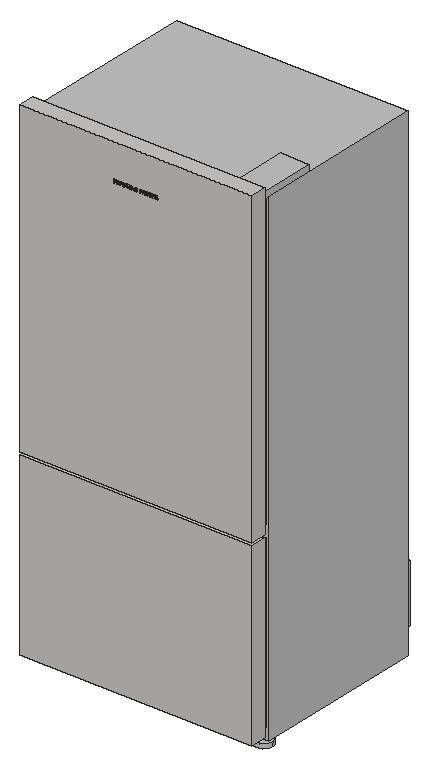
Revit family "FP_Revit_18_RF522BRPX6_Fridge_90001146A", category Specialty Equipment, Revit 2018
Family settings
  Round Connector Dimension = Use Diameter
  Part Type = Normal
  OmniClass Number = 23.40.40.11.11.17
  OmniClass Title = Refrigerator-Freezer
  Work Plane-Based = No
  Always vertical = Yes
  Cut with Voids When Loaded = Yes
  Shared = No
  Room Calculation Point = No
Parameters
  Visibility - Clearance Required = yes
  URL = "www.fisherpaykel.com"
  Product - Width = 790 mm  # constant formula
  Product - Height = 1720 mm  # constant formula
  Product - Depth = 695 mm  # constant formula
  Model = "RF522BRPX6"
  Material - Door Structure = Fisher & Paykel - White
  Material - Door Front = Fisher & Paykel - Stainless Steel
  Material - Body = Fisher & Paykel - Grey
  Manufacturer = "Fisher & Paykel Appliances"
  Description = "79cm Freestanding Refrigerator with Bottom Freezer (Stainless)"
  Connector Description - Water = "No water connection required"
  Connector Description - Electrical = "230 V, 10 A, fused electrical supply"
  Chassis - Width = 790 mm  # constant formula
  Chassis - Height = 1662 mm  # constant formula
  Chassis - Depth = 625 mm  # constant formula
  Cavity - Width = 830 mm  # constant formula
  Cavity - Height = 1735 mm  # constant formula
  Cavity - Depth = 625 mm  # constant formula
Reference planes
  plane 1 "Datum": y = 0
  plane 2: z = 0
  plane 3 "Center (Left/Right)": x = 0
  plane 4 "Product LHS": x = -395
  plane 5 "Product RHS": x = 395
  plane 6 "Product - Depth": y = 625
  plane 7 "Cavity LHS": x = -415
  plane 8 "Cavity RHS": x = 415
  plane 9 "Cavity - Depth": y = 625
  plane 10 "Product Height": z = 1720
  plane 11 "Cavity Height": z = 1735
  plane 12 "Door Panel Front": y = -70
Forms (mm)
  Extrusion 1, solid, material "Fisher & Paykel - Grey" <- "Material - Body"
    sketch origin (0, 0, 0) x (0, 1, 0) y (0, 0, 1)
      loop
        line (0, 24) -> (595, 24) -> (595, 1686) -> (0, 1686) -> (0, 24)
    from -395 to 395
  Extrusion 2, solid, material "Fisher & Paykel - Grey" <- "Material - Body"
    sketch origin (0, 0, 0) x (1, 0, 0) y (0, 1, 0)
      loop
        circle (-365, 18.6) r 4.9
      loop
        circle (365, 18.6) r 4.9
    from 14 to 24
  Extrusion 3, solid, material "Fisher & Paykel - Grey" <- "Material - Body"
    sketch origin (0, 0, 0) x (1, 0, 0) y (0, 1, 0)
      loop
        circle (-365, 18.6) r 30
      loop
        circle (365, 18.6) r 30
    from 0 to 14
  Extrusion 4, solid, material "Fisher & Paykel - Grey" <- "Material - Body"
    sketch origin (0, 0, 0) x (1, 0, 0) y (0, 0, 1)
      loop
        circle (355.042, 69) r 5
      loop
        circle (305.042, 69) r 5
    from -615 to -595
  Extrusion 5, solid, material "Fisher & Paykel - White" <- "Material - Door Structure"
    sketch origin (0, 0, 0) x (1, 0, 0) y (0, 1, 0)
      loop
        line (-387, 0) -> (-387, -15) -> (387, -15) -> (387, 0) -> (-387, 0)
    from 682 to 1680
  Extrusion 6, solid, material "Fisher & Paykel - Stainless Steel" <- "Material - Door Front"
    sketch origin (0, 0, 0) x (1, 0, 0) y (0, 1, 0)
      loop
        line (-395, -15) -> (-395, -70) -> (395, -70) -> (395, -15) -> (-395, -15)
    from 660 to 1720
  Extrusion 7, solid, material "Fisher & Paykel - Grey" <- "Material - Body", detail levels fine
    sketch origin (0, 0, -4) x (0, 1, 0) y (0, 0, 1)
      loop
        arc (62.091, 28) -> (87.5, 4) -> (112.909, 28) r 25.45
        line (112.909, 28) -> (62.091, 28)
      loop
        arc (503.639, 28) -> (529.047, 4) -> (554.456, 28) r 25.45
        line (554.456, 28) -> (503.639, 28)
    from 325.45 to 342.5
  Extrusion 8, solid, material "Fisher & Paykel - Clearance Required", visible <- "Visibility - Clearance Required", detail levels coarse
    sketch origin (0, 0, 0) x (1, 0, 0) y (0, 1, 0)
      loop
        line (-415, 625) -> (-415, -70) -> (530, -70) -> (530, 0) -> (415, 0) -> (415, 625) -> (-415, 625)
    from 0 to 1735
  Extrusion 9, void
    sketch origin (0, 0, 0) x (1, 0, 0) y (0, 1, 0)
      loop
        line (-415, 625) -> (-415, -70) -> (530, -70) -> (530, 0) -> (415, 0) -> (415, 625) -> (-415, 625)
    from 0 to 1735
  Extrusion 10, solid, material "Fisher & Paykel - Stainless Steel" <- "Material - Door Front"
    sketch origin (0, 0, 0) x (1, 0, 0) y (0, 1, 0)
      loop
        line (-395, -15) -> (-395, -70) -> (395, -70) -> (395, -15) -> (-395, -15)
    from 40 to 650
  Extrusion 11, solid, material "Fisher & Paykel - White" <- "Material - Door Structure"
    sketch origin (0, 0, 0) x (1, 0, 0) y (0, 1, 0)
      loop
        line (-387, 0) -> (-387, -15) -> (387, -15) -> (387, 0) -> (-387, 0)
    from 62 to 642
  Extrusion 12, solid, material "Fisher & Paykel - Grey" <- "Material - Body"
    sketch origin (229.237, 0, 0) x (0, 1, 0) y (0, 0, 1)
      loop
        line (595, 324) -> (595, 94) -> (625, 94) -> (625, 294) -> (595, 324)
    from -604.237 to 145.763
  Extrusion 13, solid, material "Fisher & Paykel - Grey" <- "Material - Body"
    sketch origin (0, 0, 0) x (0, 1, 0) y (0, 0, 1)
      loop
        line (595, 94) -> (595, 24) -> (625, 24) -> (625, 94) -> (595, 94)
    from -375 to 280
  Extrusion 14, solid, material "Fisher & Paykel - Grey" <- "Material - Body", detail levels fine
    sketch origin (0, 0, -4) x (0, 1, 0) y (0, 0, -1)
      loop
        line (62.091, -28) -> (112.909, -28)
        arc (112.909, -28) -> (87.5, -4) -> (62.091, -28) r 25.45
      loop
        line (503.639, -28) -> (554.456, -28)
        arc (554.456, -28) -> (529.047, -4) -> (503.639, -28) r 25.45
    from 325.45 to 342.5
  Extrusion 15, solid, material "Fisher & Paykel - Grey" <- "Material - Body"
    sketch origin (0, 0, 0) x (1, 0, 0) y (0, 1, 0)
      loop
        line (296.4, 174) -> (296.4, -15) -> (393.4, -15) -> (393.4, 174) -> (296.4, 174)
    from 1686 to 1708
  Extrusion 16, solid, material "Fisher & Paykel - Clearance Required", visible <- "Visibility - Clearance Required", detail levels coarse
    sketch origin (0, 0, 0) x (1, 0, 0) y (0, 1, 0)
      loop
        arc (-395, -70) -> (135.432, -761.124) -> (975.827, -531.456) r 781.226
        line (975.827, -531.456) -> (460.698, -70) -> (-395, -70)
    from 0 to 1735
  Extrusion 17, void
    sketch origin (0, 0, 0) x (1, 0, 0) y (0, 0, 1)
      loop
        line (-395, 605.451) -> (-395, 355.726)
        arc (-395, 355.726) -> (-376.652, 375.604) -> (-370, 401.823) r 54.999
        line (-370, 401.823) -> (-370, 559.354)
        arc (-370, 559.354) -> (-376.652, 585.574) -> (-395, 605.451) r 55
      loop
        line (-395, 1099.999) -> (-395, 706.001)
        arc (-395, 706.001) -> (-376.652, 725.878) -> (-370, 752.098) r 54.999
        line (-370, 752.098) -> (-370, 1053.902)
        arc (-370, 1053.902) -> (-376.652, 1080.122) -> (-395, 1099.999) r 55
    from 29 to 56
Cuts and joins
  joined: Extrusion 12, Extrusion 13
  Extrusion 17 cuts Extrusion 1
  Extrusion 17 cuts Extrusion 5
  Extrusion 17 cuts Extrusion 6
  Extrusion 17 cuts Extrusion 10
  Extrusion 17 cuts Extrusion 11
  Extrusion 17 cuts Extrusion 16
Text (mm)
  text "Due to ongoing product development, product details are subject to change without notice. \nPlease always refer to www.fisherpaykel.com for the most current product information. \n© Fisher & Paykel 2020" at (41.04, -848.295, 0), in view "Ref. Level (Plan)"
Dimensions and locks
  equal spacing: plane 4 "Product LHS", plane 3 "Center (Left/Right)", plane 5 "Product RHS"
  "Product - Width": plane 4 "Product LHS" to plane 5 "Product RHS"
  "Cavity - Depth": plane 1 "Datum" to plane 6 "Product - Depth"
  equal spacing: plane 7 "Cavity LHS", plane 3 "Center (Left/Right)", plane 8 "Cavity RHS"
  "Cavity - Width": plane 7 "Cavity LHS" to plane 8 "Cavity RHS"
  "Chassis - Depth": plane 9 "Cavity - Depth" to plane 1 "Datum"
  Extrusion 4 sketch curve to plane 5 "Product RHS" = 39.958 mm
  Extrusion 3 to level = 14 mm
  "Product - Height": level to plane 10 "Product Height"
  Extrusion 1 sketch curve to plane 10 "Product Height" = 34 mm
  "Cavity - Height": plane 11 "Cavity Height" to level
  "Chassis - Depth": plane 1 "Datum" to plane 9 "Cavity - Depth"
  "Chassis - Depth": plane 1 "Datum" to cut or joined group of Extrusion 12, Extrusion 13
  plane 1 "Datum" to Extrusion 8 = 625 mm
  "Product - Depth": Extrusion 9 to cut or joined group of Extrusion 16, Extrusion 17
  nested 1 to level = 1596 mm
  "Chassis - Height": cut or joined group of Extrusion 1, Extrusion 17 to cut or joined group of Extrusion 1, Extrusion 17
  "Chassis - Width": cut or joined group of Extrusion 1, Extrusion 17 to cut or joined group of Extrusion 1, Extrusion 17
  aligned and locked: level to plane 2
  aligned and locked: Extrusion 1 to plane 5 "Product RHS"
  aligned and locked: plane 4 "Product LHS" to Extrusion 1
  aligned and locked: Extrusion 6 sketch curve to plane 4 "Product LHS"
  aligned and locked: plane 5 "Product RHS" to Extrusion 6 sketch curve
  aligned and locked: Extrusion 1 sketch curve to plane 1 "Datum"
  aligned and locked: Extrusion 13 sketch curve to plane 6 "Product - Depth"
  aligned and locked: Extrusion 4 to Extrusion 1
  aligned and locked: Extrusion 15 to Extrusion 1
  aligned and locked: plane 4 "Product LHS" to Extrusion 17 sketch curve  (x2)
  aligned and locked: Extrusion 9 to Extrusion 8
Automatic sketch dimensions
  Extrusion 1 sketch curve to plane 6 "Product - Depth" = 30 mm
  level to Extrusion 1 sketch curve = 24 mm
  plane 1 "Datum" to Extrusion 5 sketch curve = 0 mm
  Extrusion 5 sketch curve to plane 4 "Product LHS" = 8 mm
  plane 5 "Product RHS" to Extrusion 5 sketch curve = 8 mm
  plane 1 "Datum" to Extrusion 5 sketch curve = 15 mm
  plane 1 "Datum" to Extrusion 6 sketch curve = 70 mm
  plane 1 "Datum" to Extrusion 6 sketch curve = 15 mm
  level to Extrusion 7 sketch curve = 24 mm  (x2)
  Extrusion 7 sketch curve to plane 1 "Datum" = 62.091 mm
  Extrusion 7 sketch curve to Extrusion 7 sketch curve = 25.409 mm  (x2)
  Extrusion 7 sketch curve to plane 6 "Product - Depth" = 121.361 mm
  Extrusion 7 sketch curve to Extrusion 7 sketch curve = 1.45 mm  (x2)
  Extrusion 10 sketch curve to plane 4 "Product LHS" = 0 mm
  Extrusion 10 sketch curve to plane 5 "Product RHS" = 0 mm
  plane 1 "Datum" to Extrusion 10 sketch curve = 70 mm
  plane 1 "Datum" to Extrusion 10 sketch curve = 15 mm
  plane 1 "Datum" to Extrusion 11 sketch curve = 0 mm
  Extrusion 11 sketch curve to plane 4 "Product LHS" = 8 mm
  plane 5 "Product RHS" to Extrusion 11 sketch curve = 8 mm
  plane 1 "Datum" to Extrusion 11 sketch curve = 15 mm
  Extrusion 13 sketch curve to Extrusion 13 sketch curve = 30 mm
  level to Extrusion 13 sketch curve = 24 mm
  Extrusion 13 sketch curve to Extrusion 13 sketch curve = 70 mm
  level to Extrusion 14 sketch curve = 24 mm  (x2)
  Extrusion 14 sketch curve to plane 1 "Datum" = 62.091 mm
  Extrusion 14 sketch curve to Extrusion 14 sketch curve = 25.409 mm  (x2)
  Extrusion 14 sketch curve to plane 6 "Product - Depth" = 121.361 mm
  level to Extrusion 14 sketch curve = 25.45 mm
  Extrusion 14 sketch curve to Extrusion 14 sketch curve = 1.45 mm
  Extrusion 3 sketch curve to plane 4 "Product LHS" = 30 mm
  plane 5 "Product RHS" to Extrusion 3 sketch curve = 30 mm
  Extrusion 3 sketch curve to plane 1 "Datum" = 18.6 mm  (x2)
  Extrusion 2 sketch curve to plane 4 "Product LHS" = 30 mm
  plane 5 "Product RHS" to Extrusion 2 sketch curve = 30 mm
  Extrusion 2 sketch curve to plane 1 "Datum" = 18.6 mm  (x2)
  Extrusion 12 sketch curve to plane 6 "Product - Depth" = 30 mm
  Extrusion 12 sketch curve to plane 6 "Product - Depth" = 0 mm
  level to Extrusion 12 sketch curve = 94 mm
  Extrusion 12 sketch curve to Extrusion 12 sketch curve = 200 mm
  Extrusion 12 sketch curve to Extrusion 12 sketch curve = 30 mm
  Extrusion 4 sketch curve to Extrusion 4 sketch curve = 50 mm
  level to Extrusion 4 sketch curve = 69 mm
  Extrusion 4 sketch curve to Extrusion 4 sketch curve = 0 mm
  Extrusion 16 sketch curve to plane 7 "Cavity LHS" = 20 mm
  plane 5 "Product RHS" to Extrusion 16 sketch curve = 10.329 mm
  plane 1 "Datum" to Extrusion 16 sketch curve = 531.456 mm
  plane 1 "Datum" to Extrusion 16 sketch curve = 70 mm
  plane 1 "Datum" to Extrusion 16 sketch curve = 20.723 mm
  Extrusion 16 sketch curve to plane 8 "Cavity RHS" = 45.698 mm
  Extrusion 9 sketch curve to plane 6 "Product - Depth" = 0 mm
  Extrusion 9 sketch curve to plane 7 "Cavity LHS" = 0 mm
  Extrusion 9 sketch curve to plane 8 "Cavity RHS" = 0 mm
  plane 1 "Datum" to Extrusion 9 sketch curve = 0 mm
  Extrusion 9 sketch curve to Extrusion 9 sketch curve = 115 mm
  plane 1 "Datum" to Extrusion 9 sketch curve = 70 mm
  plane 7 "Cavity LHS" to Extrusion 17 sketch curve = 9.999 mm  (x2)
  plane 7 "Cavity LHS" to Extrusion 17 sketch curve = 10 mm  (x2)
  Extrusion 17 sketch curve to plane 4 "Product LHS" = 25 mm  (x2)
  level to Extrusion 17 sketch curve = 355.726 mm
  Extrusion 17 sketch curve to Extrusion 17 sketch curve = 157.531 mm
  Extrusion 17 sketch curve to Extrusion 17 sketch curve = 100.549 mm
  Extrusion 17 sketch curve to Extrusion 17 sketch curve = 301.804 mm
  plane 5 "Product RHS" to Extrusion 15 sketch curve = 98.6 mm
  plane 5 "Product RHS" to Extrusion 15 sketch curve = 1.6 mm
  plane 1 "Datum" to Extrusion 15 sketch curve = 15 mm
  Extrusion 15 sketch curve to plane 1 "Datum" = 174 mm
  Extrusion 8 sketch curve to plane 6 "Product - Depth" = 0 mm
  Extrusion 8 sketch curve to plane 7 "Cavity LHS" = 0 mm
  Extrusion 8 sketch curve to plane 8 "Cavity RHS" = 0 mm
  plane 1 "Datum" to Extrusion 8 sketch curve = 0 mm
  plane 1 "Datum" to Extrusion 8 sketch curve = 70 mm
  Extrusion 8 sketch curve to plane 8 "Cavity RHS" = 115 mm
  radius of Extrusion 3 sketch curve = 30 mm  (x2)
  radius of Extrusion 2 sketch curve = 4.9 mm  (x2)
  radius of Extrusion 4 sketch curve = 5 mm  (x2)
Nested families
  nested 1: "F&P Logo 150mm" at (0, -70, 1596), type "F&P Logo 150mm"
Connectors
  electrical at (355.042, 615, 69), driven by "Connector Description - Electrical"
    settings: on Extrusion 4, index 2, voltage 230 V, apparent load 0 VA, apparent load phase1 0 VA, apparent load phase2 0 VA, apparent load phase3 0 VA, power factor 1, load classification "Other", number of poles 1, system type 30, power factor state 1, is connector primary yes, connector utility no, sub classification motor no, connector description "230 V, 10 A, fused electrical supply"
Definition of nested family "F&P Logo 150mm"
  Parameters (values of type "F&P Logo 150mm")
    URL = "www.fisherpaykel.com"
    Material - Logo = none
    Manufacturer = "Fisher & Paykel Appliances"
  Reference planes
    plane 1 "Center (Front/Back)": y = 0
    plane 2: z = 0
    plane 3 "Center (Left/Right)": x = 0
  Forms (mm)
    Extrusion 1, solid, material <- "Material - Logo", detail levels fine
      sketch origin (0, 0, 0) x (1, 0, 0) y (0, 0, 1)
        loop
          line (-74.994, 0) -> (-72.633, 0) -> (-72.633, 3.207) -> (-68.944, 3.207) -> (-68.944, 5.208) -> (-72.633, 5.208) -> (-72.633, 7.068) -> (-68.62, 7.068) -> (-68.62, 9.06) -> (-74.994, 9.06) -> (-74.994, 0)
        loop
          line (-64.134, 9.06) -> (-64.134, 0) -> (-61.773, 0) -> (-61.773, 9.06) -> (-64.134, 9.06)
        loop
          line (-46.015, 9.06) -> (-46.015, 0) -> (-43.654, 0) -> (-43.654, 3.63) -> (-40.187, 3.63) -> (-40.187, 0) -> (-37.826, 0) -> (-37.826, 9.06) -> (-40.187, 9.06) -> (-40.187, 5.622) -> (-43.654, 5.622) -> (-43.654, 9.06) -> (-46.015, 9.06)
        loop
          line (-32.787, 9.06) -> (-32.787, 0) -> (-26.332, 0) -> (-26.332, 1.992) -> (-30.448, 1.992) -> (-30.448, 3.63) -> (-26.686, 3.63) -> (-26.686, 5.622) -> (-30.448, 5.622) -> (-30.448, 7.068) -> (-26.332, 7.068) -> (-26.332, 9.06) -> (-32.787, 9.06)
        loop
          line (68.572, 9.06) -> (68.572, 0) -> (75.006, 0) -> (75.006, 1.992) -> (70.933, 1.992) -> (70.933, 9.06) -> (68.572, 9.06)
        loop
          line (63.719, 9.06) -> (57.241, 9.06) -> (57.241, 0) -> (63.719, 0) -> (63.719, 1.992) -> (59.602, 1.992) -> (59.602, 3.63) -> (63.364, 3.63) -> (63.364, 5.622) -> (59.602, 5.622) -> (59.602, 7.068) -> (63.719, 7.068) -> (63.719, 9.06)
        loop
          line (50.248, 4.722) -> (53.597, 9.06) -> (50.837, 9.06) -> (47.945, 5.313) -> (47.945, 9.06) -> (45.585, 9.06) -> (45.585, 0) -> (47.945, 0) -> (47.945, 4.058) -> (50.926, 0) -> (53.716, 0) -> (50.248, 4.722)
        loop
          line (33.043, 9.06) -> (36.466, 3.63) -> (36.466, 0) -> (38.827, 0) -> (38.827, 3.511) -> (42.25, 9.06) -> (39.742, 9.06) -> (37.721, 5.561) -> (35.701, 9.06) -> (33.043, 9.06)
        loop
          line (27.79, 9.06) -> (25.547, 9.06) -> (21.858, 0) -> (24.175, 0) -> (24.824, 1.668) -> (28.454, 1.668) -> (29.103, 0) -> (31.479, 0) -> (27.79, 9.06)
        loop
          line (27.671, 3.659) -> (26.612, 6.261) -> (25.599, 3.659) -> (27.671, 3.659)
        loop
          line (12.119, 9.06) -> (12.119, 0) -> (14.48, 0) -> (14.48, 2.907) -> (15.971, 2.907)
          arc (15.971, 2.907) -> (19.048, 5.983) -> (15.971, 9.06) r 3.077
          line (15.971, 9.06) -> (12.119, 9.06)
        loop
          line (14.48, 7.068) -> (14.48, 4.796) -> (15.824, 4.796)
          arc (15.824, 4.796) -> (16.96, 5.932) -> (15.824, 7.068) r 1.136
          line (15.824, 7.068) -> (14.48, 7.068)
        loop
          line (-17.602, 9.06) -> (-21.477, 9.06) -> (-21.477, 0) -> (-19.116, 0) -> (-19.116, 2.522) -> (-18.311, 2.522) -> (-16.387, 0) -> (-13.657, 0) -> (-15.969, 2.959)
          arc (-15.969, 2.959) -> (-14.445, 6.636) -> (-17.602, 9.06) r 3.269
        loop
          line (-17.774, 7.068) -> (-19.116, 7.068) -> (-19.116, 4.579) -> (-17.774, 4.579)
          arc (-17.774, 4.579) -> (-16.529, 5.823) -> (-17.774, 7.068) r 1.244
        loop
          line (0.788, 7.068) -> (0.788, 9.229) -> (-5.291, 9.229) -> (-5.291, 7.276) -> (-4.389, 6.167)
          arc (-4.389, 6.167) -> (-5.193, 1.025) -> (0.005, 0.768) r 3.5
          line (0.005, 0.768) -> (0.63, 0) -> (3.308, 0) -> (1.362, 2.391) -> (3.12, 4.924) -> (0.694, 4.924) -> (0.053, 4) -> (-2.443, 7.068) -> (0.788, 7.068)
        loop
          arc (-3.116, 4.603) -> (-3.331, 2.502) -> (-1.23, 2.286) r 1.493
          line (-1.23, 2.286) -> (-3.116, 4.603)
        loop
          line (-52.698, 5.451) -> (-54.701, 5.866)
          arc (-54.701, 5.866) -> (-55.501, 6.665) -> (-54.701, 7.465) r 0.799
          arc (-54.701, 7.465) -> (-52.78, 7.185) -> (-51.017, 6.371) r 6.757
          line (-51.017, 6.371) -> (-51.017, 8.615)
          arc (-51.017, 8.615) -> (-53.252, 9.269) -> (-55.578, 9.164) r 7.089
          arc (-55.578, 9.164) -> (-57.732, 6.502) -> (-55.578, 3.841) r 2.721
          line (-55.578, 3.841) -> (-53.559, 3.423)
          arc (-53.559, 3.423) -> (-52.76, 2.623) -> (-53.559, 1.824) r 0.799
          arc (-53.559, 1.824) -> (-55.481, 2.103) -> (-57.244, 2.917) r 6.757
          line (-57.244, 2.917) -> (-57.244, 0.674)
          arc (-57.244, 0.674) -> (-55.009, 0.02) -> (-52.682, 0.125) r 7.089
          arc (-52.682, 0.125) -> (-50.529, 2.795) -> (-52.698, 5.451) r 2.721
      from 0 to 0.8
  Dimensions and locks
    aligned and locked: level to plane 2
